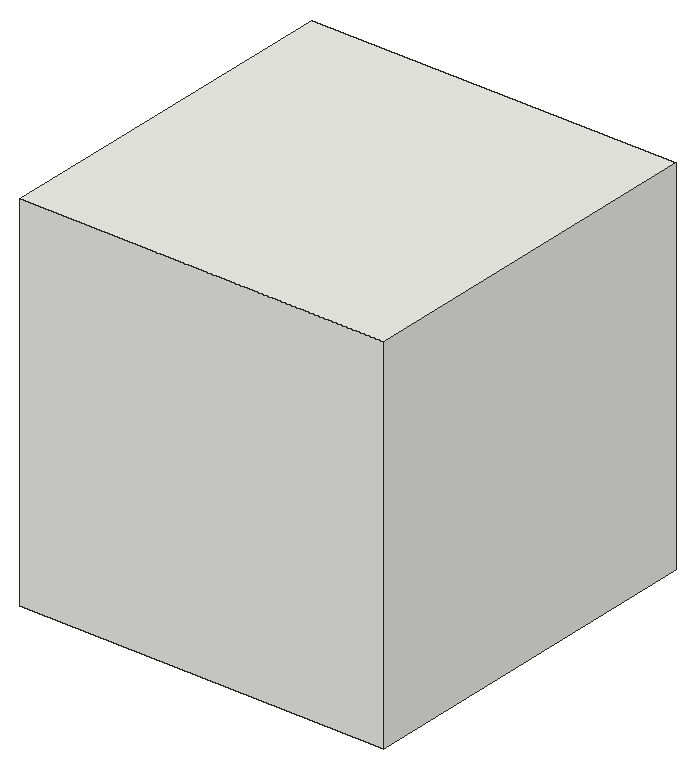
Revit family "unitsample", category Furniture, Revit 2018
Family settings
  OmniClass Number = 23.40.20.14.17
  OmniClass Title = Residential Tables and Cabinets
  Work Plane-Based = No
  Always vertical = Yes
  Cut with Voids When Loaded = No
  Shared = Yes
  Room Calculation Point = No
Parameters (values of type "0762 x 0762mm")
  Base Material = Wood - Birch
  Height = 457.00 mm
  Length = 762.00 mm
  Top Material = Laminate - Ivory, Matte
  Width = 762.00 mm
Types (4, lengths in mm): name | Height | Length | Width
  (no name) | 457.00 | 762.00 | 762.00
  0610 x 0160mm | 762.00 | 610.00 | 610.00
  0762 x 0762mm | 457.00 | 762.00 | 762.00
  0610 x 0915mm | 762.00 | 610.00 | 915.00
Reference planes
  plane 1: y = 152.4
  plane 2: z = 0
  plane 3 "Left": x = 3.734
  plane 4 "Right": x = 765.734
  plane 5 "Back": y = 533.4
  plane 6 "Front": y = -228.6
  plane 7: x = 384.734
Forms (mm)
  Extrusion 1, solid, material "Laminate - Ivory, Matte" <- "Top Material"
    sketch origin (0, 0, 0) x (1, 0, 0) y (0, 1, 0)
      loop
        line (3.734, -457.334) -> (1003.734, -457.334) -> (1003.734, 542.666) -> (3.734, 542.666) -> (3.734, -457.334)
    from 380.8 to 1380.8
Dimensions and locks
  Extrusion 1 to Extrusion 1 = 1000.00 mm
  Extrusion 1 to plane 2 = 1380.80 mm
  "Width": plane 5 "Back" to plane 6 "Front"
  "Length": plane 3 "Left" to plane 4 "Right"
  equal spacing: plane 5 "Back", plane 1, plane 6 "Front"
  equal spacing: plane 3 "Left", plane 7, plane 4 "Right"
  aligned and locked: plane 2 to level
Automatic sketch dimensions
  plane 5 "Back" to Extrusion 1 sketch curve = 9.266 mm
  plane 6 "Front" to Extrusion 1 sketch curve = 228.734 mm
  Extrusion 1 sketch curve to plane 3 "Left" = 0.00 mm
  Extrusion 1 sketch curve to plane 4 "Right" = 238.00 mm
